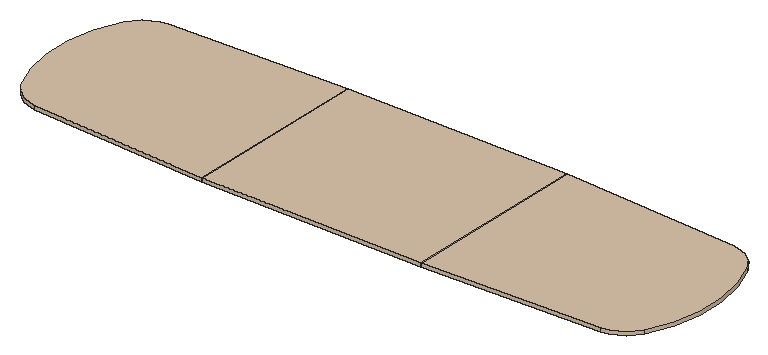
Revit family "Haworth_Planes_ColumnBaseConferenceTable_PebbleThreePiece_TopOnly", category Furniture Systems, Revit 2018 (continued)
Definition of nested family "Haworth_Planes_Worksurface_Pebble_3Piece_PART"
  Definition of nested family "Haworth_Planes_Worksurface_Pebble42_3Pieces_Part"
    Automatic sketch dimensions
      curve 18 to curve 17 = 0"  (x2)
      curve 12 to curve 13 = 0"  (x2)
      curve 13 to curve 14 = 0"  (x2)
      curve 15 to curve 16 = 0"  (x2)
      plane 1 "Center F/B" to curve 29 = 20.84"
      plane 1 "Center F/B" to curve 15 = 20.84"
      curve 14 to curve 15 = 0"
      curve 29 to curve 17 = 0"
      curve 17 to curve 1 = 0"  (x2)
